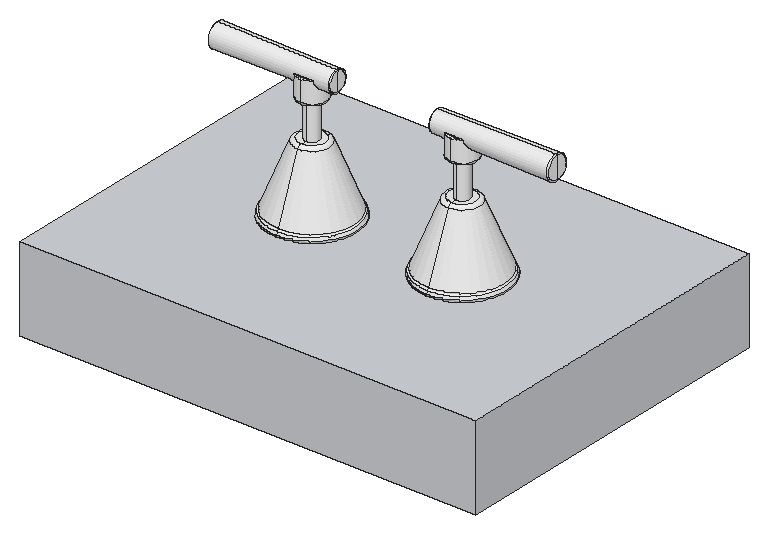
Revit family
Parameters
  URL = "http://caroma.com.au/bathrooms/taps/elegance-lever"
  Tapware Material = Caroma Chrome
  Model = "Elegance Lever Wall Top Assemblies"
  Manufacturer = "Caroma"
  DesignBy = "DesignContent ©"
  Description = "The Elegance range is engineered to perform at best for years to come."
  Default Elevation = 0 mm
  Author = "GH"
Reference planes
  plane 1 "Center (Front/Back)": y = 0
  plane 2: z = 0
  plane 3 "Center (Left/Right)": x = 0
Forms (mm)
  Extrusion 1, solid
    sketch origin (0, 0, 0) x (1, 0, 0) y (0, 1, 0)
      loop
        line (-150.804, 110.266) -> (-150.804, -116.704) -> (152.038, -116.704) -> (152.038, 110.266) -> (-150.804, 110.266)
    from 0 to -56.011
Dimensions and locks
  aligned and locked: plane 2 to Extrusion 1
  aligned and locked: level to Extrusion 1
Nested families
  nested 1: "Elengance Tap" at (-50, 0, 0), type "Elengance Tap"
  nested 2: "Elengance Tap" at (50, 0.11, 0) x (-1, 0, 0) z (0, 0, 1), type "Elengance Tap"
Definition of nested family "Elengance Tap"
  Parameters (values of type "Elengance Tap")
    Tap Material = Caroma Chrome
  Reference planes
    plane 1 "Center (Front/Back)": y = 0
    plane 2: z = 0
    plane 3 "Center (Left/Right)": x = 0
  Forms (mm)
    Revolve 1, solid, material "Caroma Chrome" <- "Tap Material", detail levels fine
      sketch origin (0, 0, 0) x (0, 1, 0) y (0, 0, 1)
        loop
          line (0, 0) -> (29.06, 0)
          arc (29.06, 0) -> (29.627, 0.316) -> (29.691, 0.962) r 0.7
          line (29.691, 0.962) -> (28.837, 3.074)
          spline (28.837, 3.074) -> (28.724, 3.241) -> (28.604, 3.354) -> (28.484, 3.424) -> (28.365, 3.465) -> (28.252, 3.488) -> (28.15, 3.506) -> (28.061, 3.531) -> (27.99, 3.575) -> (27.94, 3.65) -> (27.915, 3.769) -> (27.919, 3.944) -> (27.956, 4.187)
          line (27.956, 4.187) -> (11.559, 44.624)
          arc (11.559, 44.624) -> (10.481, 45.968) -> (8.841, 46.5) r 3.007
          line (8.841, 46.5) -> (4.726, 46.5) -> (4.726, 70.805) -> (8.987, 70.805)
          arc (8.987, 70.805) -> (9.364, 71.011) -> (9.488, 71.423) r 0.566
          line (9.488, 71.423) -> (9.488, 85.302)
          arc (9.488, 85.302) -> (9.341, 85.655) -> (8.988, 85.802) r 0.5
          line (8.988, 85.802) -> (0, 85.802) -> (0, 0)
        axis (0, 85.802) -> (0, 0)
      angle from 0 to 360
    Revolve 2, solid, material "Caroma Chrome" <- "Tap Material", detail levels fine
      sketch origin (0, 0, 0) x (1, 0, 0) y (0, 0, 1)
        loop
          arc (-62.364, 93.796) -> (-62.813, 93.615) -> (-63, 93.168) r 0.628
          line (-63, 93.168) -> (-63, 85.805) -> (17, 85.805) -> (17, 92.19)
          arc (17, 92.19) -> (16.821, 92.626) -> (16.387, 92.811) r 0.621
          line (16.387, 92.811) -> (-62.364, 93.796)
        axis (-63, 85.805) -> (17, 85.805)
      angle from 0 to 360
  Cuts and joins
    joined: Revolve 1, Revolve 2
  Lines and regions (mm)
    Masking region 1
      outline origin (0, 0, 0) x (1, 0, 0) y (0, 1, 0)
        loop
          arc (-30.078, -7.6) -> (30.008, 0) -> (-30.078, 7.6) r 30.524
          line (-30.078, 7.6) -> (-62.254, 8.013)
          arc (-62.254, 8.013) -> (-62.774, 7.797) -> (-62.99, 7.276) r 0.736
          line (-62.99, 7.276) -> (-62.99, -7.276)
          arc (-62.99, -7.276) -> (-62.774, -7.797) -> (-62.254, -8.013) r 0.736
          line (-62.254, -8.013) -> (-30.078, -7.6)
    Masking region 2
      outline origin (0, 0, 0) x (1, 0, 0) y (0, 0, 1)
        loop
          line (-4.726, 70.805) -> (-4.726, 46.5) -> (-8.691, 46.5)
          arc (-8.691, 46.5) -> (-10.264, 46.03) -> (-11.321, 44.774) r 2.866
          line (-11.321, 44.774) -> (-27.806, 4.187) -> (-27.031, 3.645) -> (-28.687, 3.074) -> (-29.552, 0.945)
          arc (-29.552, 0.945) -> (-29.484, 0.301) -> (-28.91, 0) r 0.687
          line (-28.91, 0) -> (29.21, 0)
          arc (29.21, 0) -> (29.784, 0.301) -> (29.852, 0.945) r 0.687
          line (29.852, 0.945) -> (28.988, 3.074) -> (27.331, 3.645) -> (28.106, 4.187) -> (11.621, 44.774)
          arc (11.621, 44.774) -> (10.56, 46.033) -> (8.98, 46.5) r 2.866
          line (8.98, 46.5) -> (4.726, 46.5) -> (4.726, 70.805) -> (8.987, 70.805)
          arc (8.987, 70.805) -> (9.388, 71.058) -> (9.489, 71.522) r 0.615
          line (9.489, 71.522) -> (9.489, 78.713) -> (16.339, 78.805)
          arc (16.339, 78.805) -> (16.804, 79.002) -> (16.995, 79.469) r 0.665
          line (16.995, 79.469) -> (16.995, 92.164)
          arc (16.995, 92.164) -> (16.809, 92.617) -> (16.359, 92.809) r 0.644
          line (16.359, 92.809) -> (-62.187, 93.811)
          arc (-62.187, 93.811) -> (-62.755, 93.582) -> (-62.991, 93.017) r 0.794
          line (-62.991, 93.017) -> (-62.991, 78.491)
          arc (-62.991, 78.491) -> (-62.787, 78.003) -> (-62.296, 77.805) r 0.687
          line (-62.296, 77.805) -> (-9.489, 78.475) -> (-9.489, 71.522)
          arc (-9.489, 71.522) -> (-9.388, 71.058) -> (-8.987, 70.805) r 0.615
          line (-8.987, 70.805) -> (-4.726, 70.805)
    Masking region 3
      outline origin (0, 0, 0) x (0, 1, 0) y (0, 0, 1)
        loop
          line (4.876, 70.805) -> (8.981, 70.805)
          arc (8.981, 70.805) -> (9.382, 71.058) -> (9.483, 71.522) r 0.615
          line (9.483, 71.522) -> (9.483, 85.298)
          arc (9.483, 85.298) -> (9.337, 85.652) -> (8.983, 85.798) r 0.5
          line (8.983, 85.798) -> (7.997, 85.798)
          arc (7.997, 85.798) -> (0, 93.795) -> (-7.997, 85.798) r 7.997
          line (-7.997, 85.798) -> (-8.983, 85.798)
          arc (-8.983, 85.798) -> (-9.337, 85.652) -> (-9.483, 85.298) r 0.5
          line (-9.483, 85.298) -> (-9.483, 71.522)
          arc (-9.483, 71.522) -> (-9.382, 71.058) -> (-8.981, 70.805) r 0.615
          line (-8.981, 70.805) -> (-4.888, 70.805) -> (-4.888, 46.5) -> (-8.841, 46.5)
          arc (-8.841, 46.5) -> (-10.414, 46.03) -> (-11.471, 44.774) r 2.866
          line (-11.471, 44.774) -> (-27.956, 4.187) -> (-27.181, 3.645) -> (-28.837, 3.074) -> (-29.702, 0.945)
          arc (-29.702, 0.945) -> (-29.634, 0.301) -> (-29.06, 0) r 0.687
          line (-29.06, 0) -> (29.06, 0)
          arc (29.06, 0) -> (29.634, 0.301) -> (29.702, 0.945) r 0.687
          line (29.702, 0.945) -> (28.837, 3.074) -> (27.181, 3.645) -> (27.956, 4.187) -> (11.471, 44.774)
          arc (11.471, 44.774) -> (10.414, 46.03) -> (8.841, 46.5) r 2.866
          line (8.841, 46.5) -> (4.876, 46.5) -> (4.876, 70.805)
    symbolic lines, style "Caroma Tapware"
      curve 1: line (-30.078, 7.6, 0) -> (16.412, 7.008, 0)
      curve 2: line (17.002, 6.41, 0) -> (17.002, -6.41, 0)
      curve 3: arc (16.412, 7.008, 0) -> (16.83, 6.83, 0) -> (17.002, 6.41, 0) r 0.598
      curve 4: line (-30.078, -7.6, 0) -> (16.412, -7.008, 0)
      curve 5: arc (16.412, -7.008, 0) -> (16.83, -6.83, 0) -> (17.002, -6.41, 0) r 0.598
      curve 6: arc (-6.067, 7.294, 0) -> (0.119, 9.487, 0) -> (6.248, 7.137, 0) r 9.484
      curve 7: arc (-6.067, -7.294, 0) -> (0.119, -9.487, 0) -> (6.248, -7.137, 0) r 9.484
      curve 8: arc (-9.489, 0, 78.539) -> (-7.314, 0, 81.714) -> (-6.097, 0, 85.365) r 13.849
      curve 9: arc (-6.097, 0, 85.365) -> (-5.823, 0, 85.776) -> (-5.336, 0, 85.859) r 0.624
      curve 10: arc (9.489, 0, 78.713) -> (7.419, 0, 81.819) -> (6.253, 0, 85.365) r 13.849
      curve 11: arc (6.253, 0, 85.365) -> (5.979, 0, 85.776) -> (5.493, 0, 85.859) r 0.624
      curve 12: line (-5.336, 0, 85.859) -> (5.493, 0, 85.859)
      curve 13: line (-4.726, 0, 70.868) -> (4.726, 0, 70.868)
      curve 14: line (-4.726, 0, 46.5) -> (4.726, 0, 46.5)
      curve 15: arc (0, 7.997, 85.798) -> (0, 0, 77.801) -> (0, -7.997, 85.798) r 7.997
      curve 16: line (0, 9.488, 71.423) -> (0, -9.488, 71.423)
      curve 17: line (0, 4.876, 70.805) -> (0, -4.888, 70.805)
      curve 18: line (-62.494, 0, 93.797) -> (-62.494, 0, 77.812)
      curve 19: line (0, 28.837, 3.074) -> (0, -28.837, 3.074)
      curve 20: line (0, 27.181, 3.645) -> (0, -27.181, 3.645)
      curve 21: line (0, 27.956, 4.187) -> (0, -27.956, 4.187)
      curve 22: line (0, 4.876, 46.5) -> (0, -4.888, 46.5)
      curve 23: line (-28.687, 0, 3.074) -> (28.988, 0, 3.074)
      curve 24: line (-27.031, 0, 3.645) -> (27.331, 0, 3.645)
      curve 25: line (-27.806, 0, 4.187) -> (28.106, 0, 4.187)
  Dimensions and locks
    aligned and locked: level to plane 2
